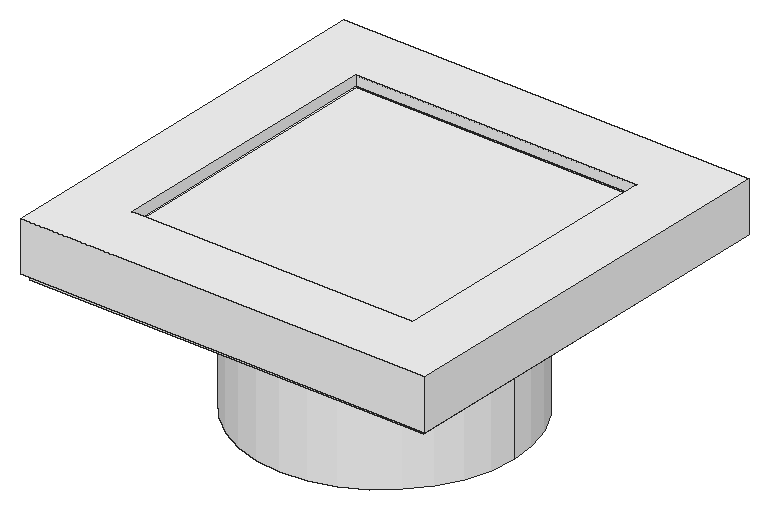
Revit family "Gira_012526", category Electrical Fixtures, host Face, Revit 2017
Family settings
  Host = Face
  Maintain Annotation Orientation = Yes
  Round Connector Dimension = Use Diameter
  Part Type = Normal
  Cut with Voids When Loaded = No
  Shared = No
  Room Calculation Point = No
Parameters (values of type "PB sw. series sw. System 55 c.alum.")
  With mounting plate = "No"
  Wiring system = "Series switch"
  White [instance] = White
  Washing machine switch = "No"
  URL = "http://katalog.gira.de/en/datenblatt.html?artikelnr=012526"
  Type of fastening = "Mounting with claw and screw"
  Surface protection = "Other"
  Suitable for degree of protection (IP) = "IP20"
  Rated current = "10"
  Push button switch = "Yes"
  Number of rockers = "2"
  Number of modules (module system) = "1"
  Nominal voltage = "250"
  Name = "PB sw. series sw. System 55 c.alum."
  Mounting method = "Flush mounted (plaster)"
  Model = ""
  Method of operation = "Rocker/button"
  Material quality = "Thermoplastic"
  Material = "Plastic"
  Manufacturer URL = "https://www.gira.de/"
  Manufacturer = "Gira"
  Label space/information surface = "No"
  Illumination = "No"
  HeinzeBIM = "https://bimportal.heinze.de/bim/pb-sw-series-sw-system-55-c-alum-/acc8ac6d767d345bf60bb164ab3f88fc6a1402a6"
  Halogen free = "Yes"
  HAN = "012526"
  GTIN = "4010337125266"
  Feedback-signal contact = "No"
  Description = "PB sw.series Sys55 CAl,Pushbutton switch, 10 AX 250 V~ with rocker, 2-gang,Series switch,colour aluminium,"
  Default Elevation = 1219.2 mm
  Data sheet (1) = "https://katalog.gira.de/en/download.html?artikelnr=012526"
  Connection type = "Plug clamp"
  Colour = "Aluminium"
  Category = "Switch"
  BIM (1) = "https://media.stage.bim.site/public/gira/36a6b08/Sys55_Komplettgerät_Schalten und Tasten.rfa?public/gira/36a6b08/Sys55_Komplettgerät_Schalten und Tasten.rfa"
  Available = "No"
  Assembly arrangement = "Basic element with central cover plate"
Reference planes
  plane 1 "Center (Front/Back)": y = 0
  plane 2: z = 0
  plane 3 "Center (Left/Right)": x = 0
Forms (mm)
  Extrusion 1, solid, material "White" <- "White", detail levels medium
    sketch origin (0, 0, 0) x (1, 0, 0) y (0, 1, 0)
      loop
        line (-40.4, 40.4) -> (-40.4, -40.4) -> (40.4, -40.4) -> (40.4, 40.4) -> (-40.4, 40.4)
      loop
        line (-28, 28) -> (-28, -28) -> (28, -28) -> (28, 28) -> (-28, 28)
    from 0 to 10
  Extrusion 2, solid, material "White" <- "White", detail levels fine
    sketch origin (0, 0, 0) x (1, 0, 0) y (0, 1, 0)
      loop
        line (-40.4, 40.4) -> (-40.4, -40.4) -> (40.4, -40.4) -> (40.4, 40.4) -> (-40.4, 40.4)
      loop
        line (-28, 28) -> (-28, -28) -> (28, -28) -> (28, 28) -> (-28, 28)
    from 0 to 10
  Extrusion 3, void
    sketch origin (0, 0, 0) x (1, 0, 0) y (0, 1, 0)
      loop
        line (-38.4, 38.4) -> (-38.4, -38.4) -> (38.4, -38.4) -> (38.4, 38.4) -> (-38.4, 38.4)
    from 0 to 8
  Extrusion 4, solid, material "White" <- "White", detail levels medium+fine
    sketch origin (0, 0, 0) x (1, 0, 0) y (0, 1, 0)
      loop
        line (-39.4, 39.4) -> (-39.4, -39.4) -> (39.4, -39.4) -> (39.4, 39.4) -> (-39.4, 39.4)
    from 0 to -1
  Extrusion 5, solid, material "White" <- "White", detail levels medium+fine
    sketch origin (0, 0, 0) x (1, 0, 0) y (0, 1, 0)
      loop
        line (-35.5, 35.5) -> (-35.5, -35.5) -> (35.5, -35.5) -> (35.5, 35.5) -> (-35.5, 35.5)
    from -2 to -3
  Extrusion 6, solid, material "White" <- "White", detail levels medium+fine
    sketch origin (0, 0, 0) x (1, 0, 0) y (0, 1, 0)
      loop
        circle (0, 0) r 26
    from 0 to -27.5
  Extrusion 7, solid, material "White" <- "White", detail levels coarse
    sketch origin (0, 0, 0) x (1, 0, 0) y (0, 1, 0)
      loop
        line (-40.4, 40.4) -> (-40.4, -40.4) -> (40.4, -40.4) -> (40.4, 40.4) -> (-40.4, 40.4)
    from -27.5 to 10
Cuts and joins
  Extrusion 3 cuts Extrusion 2
Dimensions and locks
  aligned and locked: plane 2 to host face
  aligned and locked: level to host face
  aligned and locked: plane 3 "Center (Left/Right)" to nested 2
  aligned and locked: plane 1 "Center (Front/Back)" to nested 2
Nested families
  nested 1: "Sys55_Abdeckung_Schalten und Tasten_floor_base" at (0, 0, 0), type "Sys55_Abdeckung_Schalten und Tasten_floor_base"
  nested 2: "Schalter" at (0, 0, 0), type "Schalter"
Connectors
  electrical at (0, 0, -27.5)
    settings: on Extrusion 6, index 1, voltage 220 V, apparent load 0 VA, apparent load phase1 0 VA, apparent load phase2 0 VA, apparent load phase3 0 VA, power factor 1, load classification "Other", number of poles 1, system type 30, power factor state 1, is connector primary yes, connector utility no, sub classification motor no, connector description ""
Definition of nested family "Sys55_Abdeckung_Schalten und Tasten_floor_base"
  Parameters
    Default Elevation = 1219.2 mm
    White [instance] = none
  Reference planes
    plane 1 "Center (Front/Back)": y = 0
    plane 2: z = 0
    plane 3 "Center (Left/Right)": x = 0
  Forms (mm)
    Extrusion 1, solid
      sketch origin (0, 0, 0) x (1, 0, 0) y (0, 1, 0)
        loop
          line (-1219.2, 1219.2) -> (-1219.2, -1219.2) -> (1219.2, -1219.2) -> (1219.2, 1219.2) -> (-1219.2, 1219.2)
      from 0 to -304.8
    Extrusion 2, solid, material <- "White", detail levels fine
      sketch origin (0, 0, 0) x (1, 0, 0) y (0, 1, 0)
        loop
          line (-27.5, 27.5) -> (-27.5, -27.5) -> (27.5, -27.5) -> (27.5, 27.5) -> (-27.5, 27.5)
      from 0 to 8
    Extrusion 3, void
      sketch origin (0, 0, 0) x (1, 0, 0) y (0, 1, 0)
        loop
          line (26, 26) -> (-26, 26) -> (-26, -26) -> (26, -26) -> (26, 26)
      from 0 to 6
    Extrusion 4, solid, material <- "White", detail levels medium
      sketch origin (0, 0, 0) x (1, 0, 0) y (0, 1, 0)
        loop
          line (-27.5, 27.5) -> (-27.5, -27.5) -> (27.5, -27.5) -> (27.5, 27.5) -> (-27.5, 27.5)
      from 0 to 8
    Extrusion 5, solid, material <- "White", detail levels medium
      sketch origin (0, 0, 0) x (1, 0, 0) y (0, 1, 0)
        loop
          line (11, -17.5) -> (11, 17.5) -> (-11, 17.5) -> (-11, -17.5) -> (11, -17.5)
      from -6 to 6
    Extrusion 6, solid, material <- "White", detail levels fine
      sketch origin (0, 0, 0) x (1, 0, 0) y (0, 1, 0)
        loop
          line (11, 17.5) -> (-11, 17.5) -> (-11, 16.5) -> (11, 16.5) -> (11, 17.5)
        loop
          line (-11, -16.5) -> (-11, -17.5) -> (11, -17.5) -> (11, -16.5) -> (-11, -16.5)
      from -4 to 6
    Extrusion 7, solid, material <- "White", detail levels fine
      sketch origin (0, 0, 0) x (1, 0, 0) y (0, 1, 0)
        loop
          arc (5, 9.347) -> (0, 10.6) -> (-5, 9.347) r 10.6
          line (-5, 9.347) -> (-5, -9.347)
          arc (-5, -9.347) -> (0, -10.6) -> (5, -9.347) r 10.6
          line (5, -9.347) -> (5, 9.347)
      from -6 to 6
    Extrusion 8, solid, material <- "White", detail levels coarse
      sketch origin (0, 0, 0) x (1, 0, 0) y (0, 1, 0)
        loop
          line (-27.5, 27.5) -> (-27.5, -27.5) -> (27.5, -27.5) -> (27.5, 27.5) -> (-27.5, 27.5)
      from -6 to 8
  Cuts and joins
    Extrusion 3 cuts Extrusion 2
  Dimensions and locks
    aligned and locked: plane 2 to Extrusion 1
    aligned and locked: level to Extrusion 1
Definition of nested family "Schalter"
  Reference planes
    plane 1: y = 0
    plane 2: x = 0
  Lines and regions (mm)
    detail lines
      curve 1: circle (1.375, 2.778, 0) r 0.8 normal (0, 0, 1)
      curve 2: line (1.021, 2.061, 0) -> (0, 0, 0)
      curve 3: line (0, 0, 0) -> (-0.538, 0.266, 0)
  Dimensions and locks
    curve 2 to curve 2 = 2.3 mm
    curve 3 to curve 2 = 0.6 mm
    radius of curve 1 = 0.8 mm
